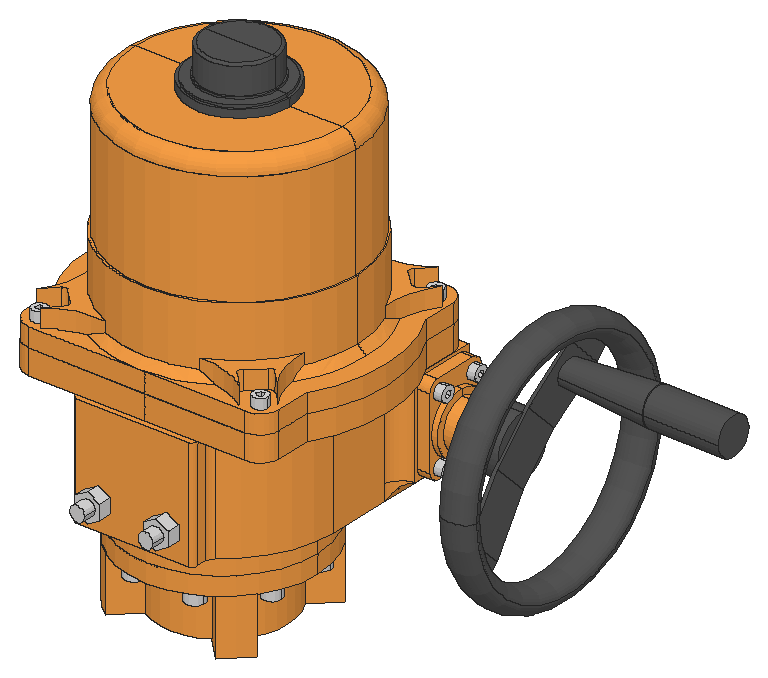
Revit family "Family1", category Mechanical Equipment, Revit 2022
Family settings
  Round Connector Dimension = Use Diameter
  Classification = None
  Part Type = Normal
  Work Plane-Based = No
  Always vertical = Yes
  Cut with Voids When Loaded = No
  Maintain Annotation Orientation = No
  Shared = No
  Room Calculation Point = No
Parameters
  Default Elevation = 0 mm
Reference planes
  plane 1 "Center (Front/Back)": y = 0
  plane 2: z = 0
  plane 3 "Center (Left/Right)": x = 0
  plane 4: x = -1222.076
  plane 5: x = -1438.42
  plane 6: x = -1318.668
  plane 7: x = -1068.222
  plane 8: z = 706.912
  plane 9: z = 971.052
  plane 10: through (0, 0, 1200) normal (-0.7071, -0.7071, 0)
  plane 11: z = 30
  plane 12: y = -57.907
  plane 13: y = 79.626
  plane 14: y = 11.059
  plane 15: x = -120.01
Forms (mm)
  Extrusion 1, solid, material "AL (Orange)"
    sketch origin (0, 0, 0) x (1, 0, 0) y (0, 1, 0)
      loop
        arc (-30.018, 17.997) -> (-35, 0) -> (-30.018, -17.997) r 35
        line (-30.018, -17.997) -> (-41.866, -29.845)
        arc (-41.866, -29.845) -> (-36.356, -36.356) -> (-29.845, -41.866) r 51.414
        line (-29.845, -41.866) -> (-17.997, -30.018)
        arc (-17.997, -30.018) -> (0, -35) -> (17.997, -30.018) r 35
        line (17.997, -30.018) -> (29.845, -41.866)
        arc (29.845, -41.866) -> (36.356, -36.356) -> (41.866, -29.845) r 51.414
        line (41.866, -29.845) -> (30.018, -17.997)
        arc (30.018, -17.997) -> (35, 0) -> (30.018, 17.997) r 35
        line (30.018, 17.997) -> (41.866, 29.845)
        arc (41.866, 29.845) -> (36.356, 36.356) -> (29.845, 41.866) r 51.414
        line (29.845, 41.866) -> (17.997, 30.018)
        arc (17.997, 30.018) -> (0, 35) -> (-17.997, 30.018) r 35
        line (-17.997, 30.018) -> (-29.845, 41.866)
        arc (-29.845, 41.866) -> (-36.356, 36.356) -> (-41.866, 29.845) r 51.414
        line (-41.866, 29.845) -> (-30.018, 17.997)
    from 0 to 30
  Extrusion 2, solid, material "AL (Orange)"
    sketch origin (0, 0, 0) x (1, 0, 0) y (0, 1, 0)
      loop
        circle (0, 0) r 51.414
    from 30 to 39.967
  Revolve 3, solid, material "AL (Orange)"
    sketch origin (0, 0, 0) x (1, 0, 0) y (0, 0, 1)
      loop
        line (0, 39.967) -> (0, 53.172) -> (-54.71, 53.172)
        arc (-54.71, 53.172) -> (-52.347, 51.802) -> (-51.414, 49.235) r 4
        line (-51.414, 49.235) -> (-51.414, 39.967) -> (0, 39.967)
      axis (0, 53.172) -> (0, 39.967)
    angle from 0 to 360
  Extrusion 4, solid, material "AL (Orange)"
    sketch origin (0, 0, 0) x (1, 0, 0) y (0, 1, 0)
      loop
        arc (34.602, -49.017) -> (53.273, -27.603) -> (60, 0) r 60
        line (60, 0) -> (60, 33.317)
        arc (60, 33.317) -> (62.672, 39.952) -> (69.197, 42.883) r 9.573
        line (69.197, 42.883) -> (69.197, 79.388) -> (-45.308, 79.388)
        arc (-45.308, 79.388) -> (-51.274, 75.287) -> (-53.571, 68.421) r 11.408
        line (-53.571, 68.421) -> (-53.571, 53.421)
        arc (-53.571, 53.421) -> (-54.624, 49.554) -> (-57.715, 47.003) r 6.621
        arc (-57.715, 47.003) -> (-59.089, 46.006) -> (-59.833, 44.479) r 3.5
        line (-59.833, 44.479) -> (-59.833, -4.479)
        arc (-59.833, -4.479) -> (-52.205, -29.574) -> (-34.602, -49.017) r 60
        arc (-34.602, -49.017) -> (-33.351, -50.974) -> (-32.913, -53.256) r 6.161
        line (-32.913, -53.256) -> (-32.913, -57.827)
        arc (-32.913, -57.827) -> (-32.248, -59.991) -> (-30.483, -61.409) r 3.855
        line (-30.483, -61.409) -> (30.483, -61.409)
        arc (30.483, -61.409) -> (32.248, -59.991) -> (32.913, -57.827) r 3.855
        line (32.913, -57.827) -> (32.913, -53.256)
        arc (32.913, -53.256) -> (33.351, -50.974) -> (34.602, -49.017) r 6.161
    from 53.172 to 112.91
  Extrusion 5, solid, material "AL (Orange)"
    sketch origin (0, 0, 0) x (1, 0, 0) y (0, 1, 0)
      loop
        line (-80.892, 9.549) -> (-66.46, 9.549)
        arc (-66.46, 9.549) -> (-61.774, 7.607) -> (-59.833, 2.921) r 6.628
        line (-59.833, 2.921) -> (-59.833, 44.479)
        arc (-59.833, 44.479) -> (-59.089, 46.006) -> (-57.715, 47.003) r 3.5
        arc (-57.715, 47.003) -> (-54.624, 49.554) -> (-53.571, 53.421) r 6.621
        line (-53.571, 53.421) -> (-53.571, 62.936)
        arc (-53.571, 62.936) -> (-55.638, 58.604) -> (-60.104, 56.844) r 6.549
        line (-60.104, 56.844) -> (-80.892, 56.844) -> (-80.892, 9.549)
    from 80.04 to 112.91
  Extrusion 6, void
    sketch origin (0, 0, 0) x (0, 1, 0) y (0, 0, 1)
      loop
        line (2.921, 80.04) -> (12.921, 80.04) -> (2.921, 90.04) -> (2.921, 80.04)
      loop
        line (2.921, 112.91) -> (2.921, 102.91) -> (12.921, 112.91) -> (2.921, 112.91)
    from -80.892 to -66.448
  Extrusion 7, void
    sketch origin (0, 66.393, 0) x (0, -1, 0) y (0, 0, -1)
      loop
        line (2.921, -80.04) -> (2.921, -90.04) -> (12.921, -80.04) -> (2.921, -80.04)
      loop
        line (2.921, -112.91) -> (12.921, -112.91) -> (2.921, -102.91) -> (2.921, -112.91)
    from -80.892 to -60.427
  Extrusion 8, solid, material "AL (Orange)"
    sketch origin (0, 0, 0) x (1, 0, 0) y (0, 1, 0)
      loop
        arc (68.638, -29.412) -> (79.628, 10.855) -> (68.638, 51.122) r 79.26
        line (68.638, 51.122) -> (68.638, 69.935)
        arc (68.638, 69.935) -> (65.26, 76.73) -> (58.246, 79.626) r 10.799
        line (58.246, 79.626) -> (4.276, 79.626) -> (-58.246, 79.626)
        arc (-58.246, 79.626) -> (-65.26, 76.73) -> (-68.638, 69.935) r 10.799
        line (-68.638, 69.935) -> (-68.638, 51.122)
        arc (-68.638, 51.122) -> (-79.628, 10.855) -> (-68.638, -29.412) r 79.26
        line (-68.638, -29.412) -> (-68.638, -48.216)
        arc (-68.638, -48.216) -> (-65.26, -55.012) -> (-58.246, -57.907) r 10.799
        line (-58.246, -57.907) -> (4.276, -57.907) -> (58.246, -57.907)
        arc (58.246, -57.907) -> (65.26, -55.012) -> (68.638, -48.216) r 10.799
        line (68.638, -48.216) -> (68.638, -29.412)
    from 112.91 to 126.281
  Extrusion 9, solid, material "AL (Orange)"
    sketch origin (0, 0, 13.37) x (1, 0, 0) y (0, 1, 0)
      loop
        arc (68.638, -29.412) -> (79.628, 10.855) -> (68.638, 51.122) r 79.26
        line (68.638, 51.122) -> (68.638, 69.935)
        arc (68.638, 69.935) -> (65.26, 76.73) -> (58.246, 79.626) r 10.799
        line (58.246, 79.626) -> (4.276, 79.626) -> (-58.246, 79.626)
        arc (-58.246, 79.626) -> (-65.26, 76.73) -> (-68.638, 69.935) r 10.799
        line (-68.638, 69.935) -> (-68.638, 51.122)
        arc (-68.638, 51.122) -> (-79.628, 10.855) -> (-68.638, -29.412) r 79.26
        line (-68.638, -29.412) -> (-68.638, -48.216)
        arc (-68.638, -48.216) -> (-65.26, -55.012) -> (-58.246, -57.907) r 10.799
        line (-58.246, -57.907) -> (4.276, -57.907) -> (58.246, -57.907)
        arc (58.246, -57.907) -> (65.26, -55.012) -> (68.638, -48.216) r 10.799
        line (68.638, -48.216) -> (68.638, -29.412)
    from 112.91 to 123.252
  Revolve 10, solid, material "AL (Orange)"
    sketch origin (0, 10.903, 0) x (1, 0, 0) y (0, 0, 1)
      loop
        line (0, 136.623) -> (0, 242.919) -> (-55.881, 242.919)
        arc (-55.881, 242.919) -> (-60.873, 240.037) -> (-62.845, 234.62) r 8.427
        line (-62.845, 234.62) -> (-62.845, 174.129) -> (-64.052, 174.129) -> (-64.052, 141.008) -> (-68.438, 136.623) -> (0, 136.623)
      axis (0, 242.919) -> (0, 136.623)
    angle from 0 to 360
  Extrusion 11, void
    sketch origin (0, 0, 0) x (1, 0, 0) y (0, 1, 0)
      loop
        arc (60, 33.317) -> (62.672, 39.952) -> (69.197, 42.883) r 9.573
        line (69.197, 42.883) -> (69.197, 79.388) -> (60, 79.388) -> (60, 33.317)
    from 53.172 to 61.777
  Extrusion 12, solid, material "AL (Orange)"
    sketch origin (0, 0, 0) x (1, 0, 0) y (0, 0, 1)
      loop
        line (69.197, 61.777) -> (60, 61.777) -> (60, 53.172)
        arc (60, 53.172) -> (63.494, 58.655) -> (69.197, 61.777) r 13.072
    from -79.388 to -33.317
  Extrusion 13, void
    sketch origin (0, 0, 0) x (1, 0, 0) y (0, 1, 0)
      loop
        line (60, 33.317) -> (69.197, 33.317) -> (69.197, 42.883)
        arc (69.197, 42.883) -> (62.672, 39.952) -> (60, 33.317) r 9.573
    from 53.172 to 112.91
  Extrusion 14, solid, material "AL (Orange)"
    sketch origin (0, 0, 0) x (1, 0, 0) y (0, 1, 0)
      loop
        line (-64.987, -44.257) -> (-57.973, -37.242)
        arc (-57.973, -37.242) -> (-55.878, -36.374) -> (-53.782, -37.242) r 2.963
        line (-53.782, -37.242) -> (-46.413, -44.612)
        arc (-46.413, -44.612) -> (-45.52, -46.766) -> (-46.413, -48.921) r 3.047
        line (-46.413, -48.921) -> (-53.368, -55.876)
        arc (-53.368, -55.876) -> (-40.032, -49.35) -> (-25.249, -47.963) r 41.288
        arc (-25.249, -47.963) -> (-44.122, -35.529) -> (-57.503, -17.314) r 64.052
        arc (-57.503, -17.314) -> (-58.851, -31.45) -> (-64.987, -44.257) r 40.588
    from 136.623 to 146.651
  Extrusion 15, solid, material "AL (Orange)"
    sketch origin (-11.223, 10.486, 0) x (0, -1, 0) y (1, 0, 0)
      loop
        line (-64.987, -44.257) -> (-57.973, -37.242)
        arc (-57.973, -37.242) -> (-55.878, -36.374) -> (-53.782, -37.242) r 2.963
        line (-53.782, -37.242) -> (-46.413, -44.612)
        arc (-46.413, -44.612) -> (-45.52, -46.766) -> (-46.413, -48.921) r 3.047
        line (-46.413, -48.921) -> (-53.368, -55.876)
        arc (-53.368, -55.876) -> (-39.816, -49.29) -> (-24.802, -48.005) r 41.288
        arc (-24.802, -48.005) -> (-43.822, -35.879) -> (-57.459, -17.911) r 64.052
        arc (-57.459, -17.911) -> (-58.933, -31.739) -> (-64.987, -44.257) r 40.588
    from 136.623 to 146.651
  Extrusion 16, solid, material "AL (Orange)"
    sketch origin (0, 0, 0) x (-1, 0, 0) y (0, -1, 0)
      loop
        arc (-64.987, 44.257) -> (-58.851, 31.45) -> (-57.503, 17.314) r 40.588
        arc (-57.503, 17.314) -> (-44.122, 35.529) -> (-25.249, 47.963) r 64.052
        arc (-25.249, 47.963) -> (-40.032, 49.35) -> (-53.368, 55.876) r 41.288
        line (-53.368, 55.876) -> (-46.413, 48.921)
        arc (-46.413, 48.921) -> (-45.52, 46.766) -> (-46.413, 44.612) r 3.047
        line (-46.413, 44.612) -> (-53.782, 37.242)
        arc (-53.782, 37.242) -> (-55.878, 36.374) -> (-57.973, 37.242) r 2.963
        line (-57.973, 37.242) -> (-64.987, 44.257)
    from 136.623 to 146.651
  Extrusion 17, solid, material "AL (Orange)"
    sketch origin (11.223, 10.486, 0) x (0, -1, 0) y (1, 0, 0)
      loop
        arc (-64.987, 44.257) -> (-58.933, 31.739) -> (-57.459, 17.911) r 40.588
        arc (-57.459, 17.911) -> (-43.822, 35.879) -> (-24.802, 48.005) r 64.052
        arc (-24.802, 48.005) -> (-39.816, 49.29) -> (-53.368, 55.876) r 41.288
        line (-53.368, 55.876) -> (-46.413, 48.921)
        arc (-46.413, 48.921) -> (-45.52, 46.766) -> (-46.413, 44.612) r 3.047
        line (-46.413, 44.612) -> (-53.782, 37.242)
        arc (-53.782, 37.242) -> (-55.878, 36.374) -> (-57.973, 37.242) r 2.963
        line (-57.973, 37.242) -> (-64.987, 44.257)
    from 136.623 to 146.651
  Extrusion 18, solid, material "AL (Orange)"
    sketch origin (0, 0, 0) x (0, 1, 0) y (0, 0, 1)
      loop
        arc (44.133, 68.027) -> (45.597, 64.491) -> (49.133, 63.027) r 5
        line (49.133, 63.027) -> (73.138, 63.027)
        arc (73.138, 63.027) -> (76.673, 64.491) -> (78.138, 68.027) r 5
        line (78.138, 68.027) -> (78.138, 106.66)
        arc (78.138, 106.66) -> (76.673, 110.196) -> (73.138, 111.66) r 5
        line (73.138, 111.66) -> (49.133, 111.66)
        arc (49.133, 111.66) -> (45.597, 110.196) -> (44.133, 106.66) r 5
        line (44.133, 106.66) -> (44.133, 68.027)
    from 69.197 to 76.57
  Revolve 19, solid, material "AL (Orange)"
    sketch origin (0, 61.135, 0) x (1, 0, 0) y (0, 0, 1)
      loop
        line (76.57, 102.91) -> (76.57, 86.374) -> (88.865, 86.374) -> (88.865, 99.355) -> (80.181, 99.355) -> (80.181, 102.91) -> (76.57, 102.91)
      axis (76.57, 86.374) -> (88.865, 86.374)
    angle from 0 to 360
  Revolve 20, solid, material "Plastic (Black)"
    sketch origin (0, 0, 85) x (1, 0, 0) y (0, 1, 0)
      loop
        spline (118.841, 122.855) -> (119.156, 121.156) -> (120.081, 119.573) -> (121.553, 118.214) -> (123.47, 117.171) -> (125.704, 116.516) -> (128.1, 116.292) -> (130.497, 116.516) -> (132.73, 117.171) -> (134.648, 118.214) -> (136.119, 119.573) -> (137.045, 121.156) -> (137.36, 122.855)
        spline (137.36, 122.855) -> (137.045, 124.553) -> (136.119, 126.136) -> (134.648, 127.495) -> (132.73, 128.538) -> (130.497, 129.193) -> (128.1, 129.417) -> (125.704, 129.193) -> (123.47, 128.538) -> (121.553, 127.495) -> (120.081, 126.136) -> (119.156, 124.553) -> (118.841, 122.855)
      axis (118.841, 61.135) -> (137.36, 61.135)
    angle from 0 to 360
  Extrusion 21, solid, material "Plastic (Black)"
    sketch origin (0, 78.721, -18.039) x (1, 0, 0) y (0, 0.707107, 0.707107)
      loop
        line (112.952, 77.671) -> (112.952, 60.875) -> (112.952, 44.599) -> (118.841, -0.699) -> (118.841, 13.42) -> (114.551, 46.419) -> (114.551, 75.852) -> (118.841, 108.85) -> (118.841, 122.97) -> (112.952, 77.671)
    from 73.734 to 98.277
  Blend 22, solid, material "Plastic (Black)"
    base sketch origin (0, 0, 0) x (0, 1, 0) y (0, 0, 1)
      loop
        circle (86.565, 113.046) r 7.015
    top sketch origin (0, 0, 0) x (0, 1, 0) y (0, 0, 1)
      loop
        circle (86.565, 113.046) r 10
    from 116.656 to 165.103
  Extrusion 23, solid, material "Plastic (Black)"
    sketch origin (0, 0, 0) x (0, 1, 0) y (0, 0, 1)
      loop
        circle (86.565, 113.046) r 10
    from 165.103 to 206.268
  Extrusion 24, void
    sketch origin (0, 0, 0) x (1, 0, 0) y (0, 1, 0)
      loop
        line (0, 9.413) -> (-9.413, 0) -> (0, -9.413) -> (9.413, 0) -> (0, 9.413)
    from 0 to 34.951
  Revolve 25, solid, material "Plastic (Black)"
    sketch origin (0, 0, 96.475) x (1, 0, 0) y (0, 1, 0)
      loop
        line (-80.892, 45.145) -> (-80.892, 55.158) -> (-84.991, 55.158) -> (-84.991, 53.648) -> (-88.448, 53.648) -> (-88.448, 55.158) -> (-95.068, 55.158) -> (-95.068, 54.221) -> (-95.881, 54.221)
        arc (-95.881, 54.221) -> (-97.632, 53.584) -> (-98.563, 51.97) r 2.723
        line (-98.563, 51.97) -> (-98.563, 45.145) -> (-80.892, 45.145)
      axis (-80.892, 45.145) -> (-98.563, 45.145)
    angle from 0 to 360
  Revolve 26, solid, material "Plastic (Black)"
    sketch origin (0, -24.184, 96.475) x (1, 0, 0) y (0, 1, 0)
      loop
        line (-80.892, 45.145) -> (-80.892, 55.158) -> (-84.991, 55.158) -> (-84.991, 53.648) -> (-88.448, 53.648) -> (-88.448, 55.158) -> (-95.068, 55.158) -> (-95.068, 54.221) -> (-95.881, 54.221)
        arc (-95.881, 54.221) -> (-97.632, 53.584) -> (-98.563, 51.97) r 2.723
        line (-98.563, 51.97) -> (-98.563, 45.145) -> (-80.892, 45.145)
      axis (-80.892, 45.145) -> (-98.563, 45.145)
    angle from 0 to 360
  Revolve 27, solid, material "Plastic (Black)"
    sketch origin (0, -24.184, 96.475) x (1, 0, 0) y (0, 1, 0)
      loop
        line (-80.892, 45.145) -> (-80.892, 55.158) -> (-84.991, 55.158) -> (-84.991, 53.648) -> (-88.448, 53.648) -> (-88.448, 55.158) -> (-95.068, 55.158) -> (-95.068, 54.221) -> (-95.881, 54.221)
        arc (-95.881, 54.221) -> (-97.632, 53.584) -> (-98.563, 51.97) r 2.723
        line (-98.563, 51.97) -> (-98.563, 45.145) -> (-80.892, 45.145)
      axis (-80.892, 45.145) -> (-98.563, 45.145)
    angle from 0 to 360
  Extrusion 28, solid, material "MS (Grey)"
    sketch origin (3.906, 0, 0) x (1, 0, 0) y (0, 0, 1)
      loop
        line (-22.366, 75.339) -> (-29.024, 71.496) -> (-29.024, 63.808) -> (-22.366, 59.964) -> (-15.709, 63.808) -> (-15.709, 71.496) -> (-22.366, 75.339)
    from 61.409 to 68.389
  Extrusion 29, solid, material "MS (Grey)"
    sketch origin (0, 0, 0) x (1, 0, 0) y (0, 0, 1)
      loop
        circle (-18.46, 67.598) r 4
    from 68.389 to 75.208
  Extrusion 30, solid, material "MS (Grey)"
    sketch origin (40.905, 0, 0) x (1, 0, 0) y (0, 0, 1)
      loop
        line (-22.366, 75.339) -> (-29.024, 71.496) -> (-29.024, 63.808) -> (-22.366, 59.964) -> (-15.709, 63.808) -> (-15.709, 71.496) -> (-22.366, 75.339)
    from 61.409 to 68.389
  Extrusion 31, solid, material "MS (Grey)"
    sketch origin (36.999, 0, 0) x (1, 0, 0) y (0, 0, 1)
      loop
        circle (-18.46, 67.598) r 4
    from 68.389 to 75.208
  Extrusion 32, solid, material "MS (Grey)"
    sketch origin (1.25, 0, 0) x (1, 0, 0) y (0, 1, 0)
      loop
        circle (-60.584, -49.594) r 4
    from 136.623 to 141.744
  Extrusion 33, void
    sketch origin (1.25, 0, 0) x (1, 0, 0) y (0, 1, 0)
      loop
        line (-59.868, -47.625) -> (-61.931, -47.989) -> (-62.648, -49.958) -> (-61.301, -51.564) -> (-59.237, -51.2) -> (-58.521, -49.231) -> (-59.868, -47.625)
    from 136.623 to 141.744
  Extrusion 34, solid, material "MS (Grey)"
    sketch origin (120.584, 118.361, 0) x (1, 0, 0) y (0, 1, 0)
      loop
        circle (-60.584, -49.594) r 4
    from 136.623 to 141.744
  Extrusion 35, solid, material "MS (Grey)"
    sketch origin (120.584, -0.075, 0) x (1, 0, 0) y (0, 1, 0)
      loop
        circle (-60.584, -49.594) r 4
    from 136.623 to 141.744
  Extrusion 36, void
    sketch origin (120.584, -0.075, 0) x (1, 0, 0) y (0, 1, 0)
      loop
        line (-59.868, -47.625) -> (-61.931, -47.989) -> (-62.648, -49.958) -> (-61.301, -51.564) -> (-59.237, -51.2) -> (-58.521, -49.231) -> (-59.868, -47.625)
    from 136.623 to 141.744
  Extrusion 37, solid, material "MS (Grey)"
    sketch origin (1.25, 117.161, 0) x (1, 0, 0) y (0, 1, 0)
      loop
        circle (-60.584, -49.594) r 4
    from 136.623 to 141.744
  Extrusion 38, void
    sketch origin (1.25, 117.161, 0) x (1, 0, 0) y (0, 1, 0)
      loop
        line (-59.868, -47.625) -> (-61.931, -47.989) -> (-62.648, -49.958) -> (-61.301, -51.564) -> (-59.237, -51.2) -> (-58.521, -49.231) -> (-59.868, -47.625)
    from 136.623 to 141.744
  Extrusion 39, void
    sketch origin (120.584, 118.361, 0) x (1, 0, 0) y (0, 1, 0)
      loop
        line (-59.868, -47.625) -> (-61.931, -47.989) -> (-62.648, -49.958) -> (-61.301, -51.564) -> (-59.237, -51.2) -> (-58.521, -49.231) -> (-59.868, -47.625)
    from 136.623 to 141.744
  Extrusion 40, solid, material "MS (Grey)"
    sketch origin (199.183, 99.535, 166.223) x (0, 0, 1) y (0, 1, 0)
      loop
        circle (-60.584, -49.594) r 4
    from 117.727 to 122.614
  Extrusion 41, void
    sketch origin (199.183, 99.535, 166.223) x (0, 0, 1) y (0, 1, 0)
      loop
        line (-59.868, -47.625) -> (-61.931, -47.989) -> (-62.648, -49.958) -> (-61.301, -51.564) -> (-59.237, -51.2) -> (-58.521, -49.231) -> (-59.868, -47.625)
    from 117.727 to 122.614
  Extrusion 42, solid, material "MS (Grey)"
    sketch origin (199.183, 22.735, 166.223) x (0, 0, 1) y (0, 1, 0)
      loop
        circle (-60.584, 49.594) r 4
    from 117.727 to 122.614
  Extrusion 43, void
    sketch origin (199.183, 22.735, 166.223) x (0, 0, 1) y (0, 1, 0)
      loop
        line (-59.868, 47.625) -> (-58.521, 49.231) -> (-59.237, 51.2) -> (-61.301, 51.564) -> (-62.648, 49.958) -> (-61.931, 47.989) -> (-59.868, 47.625)
    from 117.727 to 122.614
  Extrusion 44, solid, material "MS (Grey)"
    sketch origin (199.183, 99.535, 8.464) x (0, 0, -1) y (0, -1, 0)
      loop
        circle (-60.584, 49.594) r 4
    from 117.727 to 122.614
  Extrusion 45, void
    sketch origin (199.183, 99.535, 8.464) x (0, 0, -1) y (0, -1, 0)
      loop
        line (-59.868, 47.625) -> (-58.521, 49.231) -> (-59.237, 51.2) -> (-61.301, 51.564) -> (-62.648, 49.958) -> (-61.931, 47.989) -> (-59.868, 47.625)
    from 117.727 to 122.614
  Extrusion 46, solid, material "MS (Grey)"
    sketch origin (199.183, 22.735, 8.464) x (0, 0, -1) y (0, -1, 0)
      loop
        circle (-60.584, -49.594) r 4
    from 117.727 to 122.614
  Extrusion 47, void
    sketch origin (199.183, 22.735, 8.464) x (0, 0, -1) y (0, -1, 0)
      loop
        line (-59.868, -47.625) -> (-61.931, -47.989) -> (-62.648, -49.958) -> (-61.301, -51.564) -> (-59.237, -51.2) -> (-58.521, -49.231) -> (-59.868, -47.625)
    from 117.727 to 122.614
  Extrusion 48, solid, material "MS (Grey)"
    sketch origin (44.19, 9.925, -114.681) x (1, 0, 0) y (0, 1, 0)
      loop
        circle (-60.584, -49.594) r 5
    from 137.392 to 144.681
  Extrusion 49, void
    sketch origin (44.19, 9.925, -114.681) x (1, 0, 0) y (0, 1, 0)
      loop
        line (-60.584, -46.544) -> (-63.226, -48.069) -> (-63.226, -51.119) -> (-60.584, -52.644) -> (-57.943, -51.119) -> (-57.943, -48.069) -> (-60.584, -46.544)
    from 137.392 to 144.681
  Extrusion 50, solid, material "MS (Grey)"
    sketch origin (20.878, 33.237, -114.681) x (1, 0, 0) y (0, 1, 0)
      loop
        circle (-60.584, -49.594) r 5
    from 137.392 to 144.681
  Extrusion 51, void
    sketch origin (20.878, 33.237, -114.681) x (1, 0, 0) y (0, 1, 0)
      loop
        line (-60.584, -46.544) -> (-63.226, -48.069) -> (-63.226, -51.119) -> (-60.584, -52.644) -> (-57.943, -51.119) -> (-57.943, -48.069) -> (-60.584, -46.544)
    from 137.392 to 144.681
  Extrusion 52, solid, material "MS (Grey)"
    sketch origin (20.878, 66.11, -114.681) x (1, 0, 0) y (0, 1, 0)
      loop
        circle (-60.584, -49.594) r 5
    from 137.392 to 144.681
  Extrusion 53, void
    sketch origin (20.878, 66.11, -114.681) x (1, 0, 0) y (0, 1, 0)
      loop
        line (-60.584, -46.544) -> (-63.226, -48.069) -> (-63.226, -51.119) -> (-60.584, -52.644) -> (-57.943, -51.119) -> (-57.943, -48.069) -> (-60.584, -46.544)
    from 137.392 to 144.681
  Extrusion 54, solid, material "MS (Grey)"
    sketch origin (44.089, 89.321, -114.681) x (1, 0, 0) y (0, 1, 0)
      loop
        circle (-60.584, -49.594) r 5
    from 137.392 to 144.681
  Extrusion 55, void
    sketch origin (44.089, 89.321, -114.681) x (1, 0, 0) y (0, 1, 0)
      loop
        line (-60.584, -46.544) -> (-63.226, -48.069) -> (-63.226, -51.119) -> (-60.584, -52.644) -> (-57.943, -51.119) -> (-57.943, -48.069) -> (-60.584, -46.544)
    from 137.392 to 144.681
  Extrusion 56, solid, material "MS (Grey)"
    sketch origin (77.134, 89.321, -114.681) x (1, 0, 0) y (0, 1, 0)
      loop
        circle (-60.584, -49.594) r 5
    from 137.392 to 144.681
  Extrusion 57, void
    sketch origin (77.134, 89.321, -114.681) x (1, 0, 0) y (0, 1, 0)
      loop
        line (-60.584, -46.544) -> (-63.226, -48.069) -> (-63.226, -51.119) -> (-60.584, -52.644) -> (-57.943, -51.119) -> (-57.943, -48.069) -> (-60.584, -46.544)
    from 137.392 to 144.681
  Extrusion 58, solid, material "MS (Grey)"
    sketch origin (100.329, 66.126, -114.681) x (1, 0, 0) y (0, 1, 0)
      loop
        circle (-60.584, -49.594) r 5
    from 137.392 to 144.681
  Extrusion 59, void
    sketch origin (100.329, 66.126, -114.681) x (1, 0, 0) y (0, 1, 0)
      loop
        line (-60.584, -46.544) -> (-63.226, -48.069) -> (-63.226, -51.119) -> (-60.584, -52.644) -> (-57.943, -51.119) -> (-57.943, -48.069) -> (-60.584, -46.544)
    from 137.392 to 144.681
  Extrusion 60, solid, material "MS (Grey)"
    sketch origin (100.329, 33.251, -114.681) x (1, 0, 0) y (0, 1, 0)
      loop
        circle (-60.584, -49.594) r 5
    from 137.392 to 144.681
  Extrusion 61, void
    sketch origin (100.329, 33.251, -114.681) x (1, 0, 0) y (0, 1, 0)
      loop
        line (-60.584, -46.544) -> (-63.226, -48.069) -> (-63.226, -51.119) -> (-60.584, -52.644) -> (-57.943, -51.119) -> (-57.943, -48.069) -> (-60.584, -46.544)
    from 137.392 to 144.681
  Extrusion 62, solid, material "MS (Grey)"
    sketch origin (77.11, 10.031, -114.681) x (1, 0, 0) y (0, 1, 0)
      loop
        circle (-60.584, -49.594) r 5
    from 137.392 to 144.681
  Extrusion 63, void
    sketch origin (77.11, 10.031, -114.681) x (1, 0, 0) y (0, 1, 0)
      loop
        line (-60.584, -46.544) -> (-63.226, -48.069) -> (-63.226, -51.119) -> (-60.584, -52.644) -> (-57.943, -51.119) -> (-57.943, -48.069) -> (-60.584, -46.544)
    from 137.392 to 144.681
  Revolve 64, solid, material "Plastic (Black)"
    sketch origin (0, 10.903, 0) x (1, 0, 0) y (0, 0, 1)
      loop
        line (-27.342, 242.919) -> (0, 242.919) -> (0, 264.641) -> (-18.075, 264.641)
        arc (-18.075, 264.641) -> (-18.988, 264.378) -> (-19.573, 263.63) r 1.54
        line (-19.573, 263.63) -> (-19.573, 249.28) -> (-20.656, 249.28) -> (-20.656, 248.377) -> (-25.656, 248.377) -> (-25.656, 247.189) -> (-27.342, 247.189) -> (-27.342, 242.919)
      axis (0, 264.641) -> (0, 242.919)
    angle from 0 to 360
  Revolve 65, solid, material "MS (Grey)"
    sketch origin (0, 61.135, 0) x (1, 0, 0) y (0, 0, 1)
      loop
        line (88.865, 86.374) -> (98.59, 86.374) -> (98.59, 91.374) -> (88.865, 91.374) -> (88.865, 86.374)
      axis (88.865, 86.374) -> (98.59, 86.374)
    angle from 0 to 360
  Revolve 66, solid, material "Plastic (Black)"
    sketch origin (0, 61.135, 0) x (1, 0, 0) y (0, 0, 1)
      loop
        line (98.59, 102.91) -> (98.59, 86.374) -> (112.952, 86.374) -> (112.952, 102.91) -> (98.59, 102.91)
      axis (98.59, 86.374) -> (112.952, 86.374)
    angle from 0 to 360
Cuts and joins
  Extrusion 6, Extrusion 7, Extrusion 11, Extrusion 13, Extrusion 24, Extrusion 36, Extrusion 41 cuts Extrusion 4
  Extrusion 6, Extrusion 7, Extrusion 11, Extrusion 13, Extrusion 24, Extrusion 36, Extrusion 41 cuts Extrusion 5
  Extrusion 13, Extrusion 24, Extrusion 36, Extrusion 41 cuts Extrusion 12
  joined: Extrusion 4, Extrusion 5, Extrusion 12
  Extrusion 11, Extrusion 13, Extrusion 24 cuts Revolve 10
  Extrusion 24 cuts Extrusion 14
  Extrusion 24 cuts Extrusion 15
  Extrusion 24 cuts Extrusion 16
  joined: Revolve 10, Extrusion 14, Extrusion 15, Extrusion 16, Extrusion 17
  Extrusion 13, Extrusion 24, Extrusion 33, Extrusion 36, Extrusion 38 cuts Extrusion 8
  Extrusion 13, Extrusion 24, Extrusion 33, Extrusion 36, Extrusion 38, Extrusion 39 cuts Extrusion 9
  joined: Extrusion 21, Blend 22
  Extrusion 24 cuts Extrusion 1
  Extrusion 24, Extrusion 49, Extrusion 51, Extrusion 53, Extrusion 55, Extrusion 57, Extrusion 59, Extrusion 61, Extrusion 63 cuts Extrusion 2
  Extrusion 24 cuts Revolve 3
  Extrusion 33, Extrusion 38 cuts Extrusion 32
  Extrusion 36, Extrusion 39 cuts Extrusion 34
  Extrusion 36, Extrusion 39 cuts Extrusion 35
  Extrusion 38 cuts Extrusion 37
  Extrusion 41, Extrusion 43, Extrusion 45 cuts Extrusion 40
  Extrusion 43, Extrusion 45, Extrusion 47 cuts Extrusion 18
  Extrusion 43, Extrusion 47 cuts Extrusion 42
  Extrusion 45 cuts Extrusion 44
  Extrusion 47 cuts Extrusion 46
  Extrusion 49, Extrusion 51 cuts Extrusion 48
  Extrusion 51, Extrusion 53 cuts Extrusion 50
  Extrusion 53, Extrusion 55 cuts Extrusion 52
  Extrusion 55, Extrusion 57 cuts Extrusion 54
  Extrusion 57, Extrusion 59 cuts Extrusion 56
  Extrusion 59, Extrusion 61 cuts Extrusion 58
  Extrusion 61, Extrusion 63 cuts Extrusion 60
  Extrusion 63 cuts Extrusion 62
Dimensions and locks
  aligned and locked: level to plane 2
  aligned and locked: plane 11 to Extrusion 1
